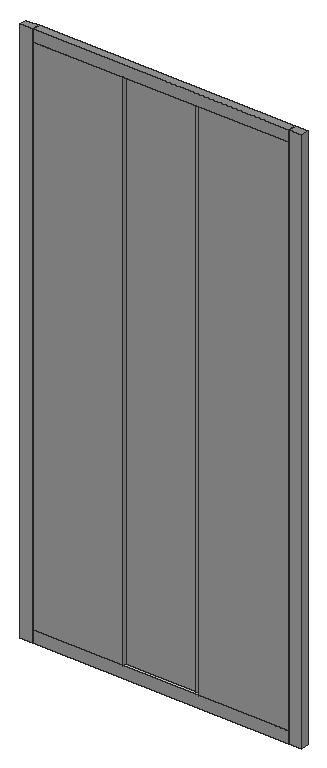
Revit family "MAMPARA ATENEA 1000X1950", category Generic Models, Revit 2019
Family settings
  Can host rebar = No
  Round Connector Dimension = Use Diameter
  Part Type = Normal
  Work Plane-Based = No
  Always vertical = Yes
  Cut with Voids When Loaded = No
  Shared = No
  Room Calculation Point = No
Reference planes
  plane 1 "Center (Front/Back)": y = 0
  plane 2: z = 0
  plane 3 "Center (Left/Right)": x = 0
Forms (mm)
  Extrusion 1, solid
    sketch origin (0, 0, 0) x (1, 0, 0) y (0, 0, 1)
      loop
        line (0, 0) -> (45, 0) -> (45, 1950) -> (0, 1950) -> (0, 0)
      loop
        line (1000, 1950) -> (955, 1950) -> (955, 0) -> (1000, 0) -> (1000, 1950)
    from 224.03 to 250
  Extrusion 2, solid
    sketch origin (0, 0, 0) x (1, 0, 0) y (0, 1, 0)
      loop
        line (955, -250) -> (955, -237.015) -> (635, -237.015) -> (635, -250) -> (955, -250)
      loop
        line (45, -250) -> (365, -250) -> (365, -237.015) -> (45, -237.015) -> (45, -250)
    from 40 to 1910
  Extrusion 3, solid
    sketch origin (0, 0, 0) x (1, 0, 0) y (0, 1, 0)
      loop
        line (615, -237.015) -> (635, -237.015) -> (635, -224.03) -> (365, -224.03) -> (365, -237.015) -> (615, -237.015)
    from 40 to 1910
  Extrusion 4, solid
    sketch origin (0, 0, 0) x (1, 0, 0) y (0, 0, 1)
      loop
        line (45, 1950) -> (45, 1910) -> (955, 1910) -> (955, 1950) -> (45, 1950)
      loop
        line (45, 0) -> (955, 0) -> (955, 40) -> (45, 40) -> (45, 0)
    from 224.03 to 250
Dimensions and locks
  aligned and locked: level to plane 2
